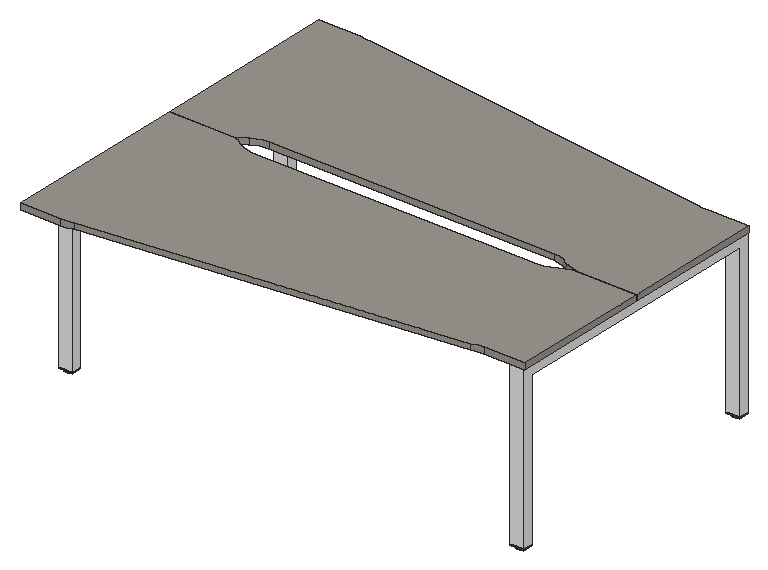
Revit family "Double Sided Single Wave 800 to 600 Deep", category Furniture, Revit 2016
Family settings
  OmniClass Number = 23.40.20.00
  OmniClass Title = General Furniture and Specialties
  Work Plane-Based = No
  Always vertical = Yes
  Cut with Voids When Loaded = No
  Shared = No
  Room Calculation Point = No
Parameters (values of type "2000 x 1600/1200")
  Width = 2000 mm
  URL = "www.gof.co.uk"
  Type Comments = ""
  Range = "MESA"
  Product Code = "MEWC2016"
  Desktop = Gresham - Nordic Ash
  Model = ""
  Manufacturer = "Gresham Office Furniture"  # constant formula
  Frame = Gresham - Black Metal
  Foot = Gresham - Black Plastic
  Assembly Code = "E2020200"
Types (6, lengths in mm): name | Width | Product Code
  (no name) | 2000 | "MEWC2016"
  1400 x 1600/1200 | 1400 | "MEWC1416"
  1600 x 1600/1200 | 1600 | "MEWC1616"
  1800 x 1600/1200 | 1800 | "MEWC1816"
  1200 x 1600/1200 | 1200 | "MEWC1216"
  2000 x 1600/1200 | 2000 | "MEWC2016"
Reference planes
  plane 1: y = 300
  plane 2: z = 0
  plane 3 "Center (Left/Right)": x = 0
  plane 4: x = -1000
  plane 5: x = 1000
  plane 6 "Desktop Underside": z = 702
  plane 7 "Center (Front/Back)": y = 600
  plane 8: y = -200
  plane 9 "Foot": z = 10
  plane 10: y = 0
  plane 11: y = 1200
  plane 12: y = 1400
Forms (mm)
  Extrusion 1, solid, material "Gresham - Nordic Ash" <- "Desktop"
    sketch origin (0, 0, 702) x (1, 0, 0) y (0, 1, 0)
      loop
        arc (750, 600) -> (713.236, 594.237) -> (680, 577.5) r 120.139
        arc (680, 577.5) -> (646.764, 560.763) -> (610, 555) r 120.139
        line (610, 555) -> (-610, 555)
        arc (-610, 555) -> (-646.764, 560.763) -> (-680, 577.5) r 120.139
        arc (-680, 577.5) -> (-713.236, 594.237) -> (-750, 600) r 120.139
        line (-750, 600) -> (-1000, 600) -> (-1000, -200) -> (-825, -200)
        arc (-825, -200) -> (-800.565, -198.494) -> (-776.5, -194) r 199.021
        line (-776.5, -194) -> (776.5, -6)
        arc (776.5, -6) -> (800.565, -1.506) -> (825, 0) r 199.021
        line (825, 0) -> (1000, 0) -> (1000, 600) -> (750, 600)
    from 0 to 25
  Extrusion 2, solid, material "Gresham - Black Metal" <- "Frame"
    sketch origin (0, 0, 0) x (0, 1, 0) y (0, 0, -1)
      loop
        line (320, -662) -> (280, -662) -> (280, -702) -> (320, -702) -> (320, -662)
    from -937.5 to 937.5
  Extrusion 3, solid, material "Gresham - Nordic Ash" <- "Desktop"
    sketch origin (0, 1200, 702) x (1, 0, 0) y (0, 1, 0)
      loop
        line (750, -600) -> (1000, -600) -> (1000, 0) -> (825, 0)
        arc (825, 0) -> (800.565, 1.506) -> (776.5, 6) r 199.021
        line (776.5, 6) -> (-776.5, 194)
        arc (-776.5, 194) -> (-800.565, 198.494) -> (-825, 200) r 199.021
        line (-825, 200) -> (-1000, 200) -> (-1000, -600) -> (-750, -600)
        arc (-750, -600) -> (-713.236, -594.237) -> (-680, -577.5) r 120.139
        arc (-680, -577.5) -> (-646.764, -560.763) -> (-610, -555) r 120.139
        line (-610, -555) -> (610, -555)
        arc (610, -555) -> (646.764, -560.763) -> (680, -577.5) r 120.139
        arc (680, -577.5) -> (713.236, -594.237) -> (750, -600) r 120.139
    from 0 to 25
  Extrusion 4, solid, material "Gresham - Black Metal" <- "Frame"
    sketch origin (0, 1200, 0) x (0, -1, 0) y (0, 0, 1)
      loop
        line (320, 662) -> (320, 702) -> (280, 702) -> (280, 662) -> (320, 662)
    from -937.5 to 937.5
Dimensions and locks
  locked: plane 6 "Desktop Underside" to plane 2 at 702
  equal spacing: plane 5, plane 3 "Center (Left/Right)", plane 4
  "Width": plane 5 to plane 4
  plane 7 "Center (Front/Back)" to plane 1 to plane 8 = 300 mm, 500 mm
  locked: Extrusion 1 to level at 727
  locked: Extrusion 1 sketch curve to Extrusion 1 sketch curve at 250  (x2)
  locked: nested 1 to plane 4 at 2.5
  locked: plane 5 to nested 2 at 2.5
  locked: Extrusion 2 to nested 1 at 60
  Extrusion 1 sketch curve to nested 1 = 175 mm
  Extrusion 1 sketch curve to nested 2 = 175 mm
  plane 11 to plane 10 = 1200 mm
  locked: Extrusion 3 to level at 727
  locked: Extrusion 3 sketch curve to Extrusion 3 sketch curve at 250  (x2)
  locked: Extrusion 1 to nested 2 at 3
  locked: nested 2 to nested 2 at 60
  plane 12 to plane 8 = 1600 mm
  equal spacing: nested 1, plane 7 "Center (Front/Back)", nested 1
  radius of Extrusion 1 sketch curve = 199.021 mm  (x2)
  radius of Extrusion 3 sketch curve = 199.021 mm  (x2)
  aligned and locked: level to plane 2
  aligned and locked: Extrusion 2 to nested 2
  aligned and locked: Extrusion 4 to Extrusion 2
  aligned and locked: Extrusion 2 to Extrusion 4
Automatic sketch dimensions
  Extrusion 1 sketch curve to plane 4 = 0 mm
  Extrusion 1 sketch curve to plane 7 "Center (Front/Back)" = 0 mm  (x2)
  Extrusion 1 sketch curve to plane 5 = 0 mm
  Extrusion 1 sketch curve to plane 8 = 0 mm
  Extrusion 1 sketch curve to plane 10 = 0 mm
  plane 8 to Extrusion 1 sketch curve = 6 mm
  plane 7 "Center (Front/Back)" to Extrusion 1 sketch curve = 75.139 mm  (x2)
  Extrusion 1 sketch curve to Extrusion 1 sketch curve = 140 mm  (x2)
  Extrusion 1 sketch curve to plane 7 "Center (Front/Back)" = 45 mm
  Extrusion 1 sketch curve to plane 10 = 6 mm
  Extrusion 1 sketch curve to plane 7 "Center (Front/Back)" = 120.139 mm
  Extrusion 1 sketch curve to Extrusion 1 sketch curve = 120.139 mm
  Extrusion 2 sketch curve to plane 6 "Desktop Underside" = 0 mm
  Extrusion 2 sketch curve to plane 1 = 20 mm
  plane 1 to Extrusion 2 sketch curve = 20 mm
  plane 6 "Desktop Underside" to Extrusion 2 sketch curve = 40 mm
  Extrusion 3 sketch curve to plane 4 = 0 mm
  plane 12 to Extrusion 3 sketch curve = 0 mm
  Extrusion 3 sketch curve to plane 7 "Center (Front/Back)" = 0 mm  (x2)
  plane 11 to Extrusion 3 sketch curve = 0 mm
  Extrusion 3 sketch curve to plane 5 = 0 mm
  plane 4 to Extrusion 3 sketch curve = 175 mm
  plane 12 to Extrusion 3 sketch curve = 6 mm
  Extrusion 3 sketch curve to plane 7 "Center (Front/Back)" = 75.139 mm  (x2)
  Extrusion 3 sketch curve to Extrusion 3 sketch curve = 140 mm  (x2)
  plane 7 "Center (Front/Back)" to Extrusion 3 sketch curve = 45 mm
  Extrusion 3 sketch curve to plane 11 = 6 mm
  plane 5 to Extrusion 3 sketch curve = 223.5 mm
  plane 7 "Center (Front/Back)" to Extrusion 3 sketch curve = 120.139 mm  (x2)
  Extrusion 4 sketch curve to plane 6 "Desktop Underside" = 0 mm
  Extrusion 4 sketch curve to plane 6 "Desktop Underside" = 40 mm
  plane 11 to Extrusion 4 sketch curve = 280 mm
  Extrusion 4 sketch curve to Extrusion 4 sketch curve = 40 mm
Nested families
  nested 1: "1200 Mesa Leg" at (-600, 800, 0) x (-1, 0, 0) z (0, 0, 1), type "1200 Mesa Leg"
  nested 2: "1200 Mesa Leg" at (600, 800.5, 0), type "1200 Mesa Leg"
Definition of nested family "1200 Mesa Leg"
  Parameters (values of type "1200 Mesa Leg")
    Width = 800 mm
    URL = "www.gof.co.uk"
    Type Comments = ""
    Range = "MESA"
    Product Code = "1200 Leg"
    Model = ""
    Manufacturer = "Gresham Office Furniture"  # constant formula
    Frame = none
    Foot = none
    Assembly Code = "E2020200"
  Reference planes
    plane 1 "Center (Front/Back)": y = -200
    plane 2: z = 0
    plane 3 "Center (Left/Right)": x = 0
    plane 4: x = -400
    plane 5: x = 400
    plane 6 "Desktop Underside": z = 702
    plane 7: y = 400
    plane 8: y = -800
    plane 9 "Foot": z = 10
  Forms (mm)
    Extrusion 1, solid, material <- "Frame"
      sketch origin (997.5, 311.693, 702) x (0, -1, 0) y (0, 0, 1)
        loop
          line (383.606, 0) -> (-85.807, 0) -> (-85.807, -692) -> (-45.807, -692) -> (-45.807, -40) -> (1069.193, -40) -> (1069.193, -692) -> (1109.193, -692) -> (1109.193, 0) -> (383.606, 0)
      from 600 to 660
    Extrusion 2, solid, material <- "Foot"
      sketch origin (481.991, 484.546, 10) x (-0.707107, 0.707107, 0) y (-0.707107, -0.707107, 0)
        loop
          line (-804.373, 1008.714) -> (-846.799, 966.287) -> (-818.515, 938.003) -> (-776.088, 980.43) -> (-804.373, 1008.714)
        loop
          line (40.62, 163.721) -> (12.336, 192.005) -> (-30.091, 149.579) -> (-1.807, 121.295) -> (40.62, 163.721)
      from 0 to -5
    Extrusion 3, solid
      sketch origin (487.674, 479.532, 0) x (0.707107, -0.707107, 0) y (0.707107, 0.707107, 0)
        loop
          circle (-12.828, -157.123) r 18
        loop
          circle (803.88, -973.831) r 18
      from 0 to 5
  Dimensions and locks
    locked: plane 6 "Desktop Underside" to plane 2 at 702
    equal spacing: plane 4, plane 3 "Center (Left/Right)", plane 5
    "Width": plane 4 to plane 5
    equal spacing: plane 7, plane 1 "Center (Front/Back)", plane 8
    locked: plane 7 to plane 8 at 1200
    Extrusion 1 sketch curve to Extrusion 1 sketch curve = 40 mm  (x2)
    locked: Extrusion 1 to plane 8 at 2.5
    locked: plane 7 to Extrusion 1 at 2.5
    Extrusion 1 to Extrusion 2 sketch curve = 40 mm
    locked: Extrusion 1 to Extrusion 1 at 60
    locked: plane 7 to Extrusion 3 sketch curve at 22.5
    locked: Extrusion 3 sketch curve to plane 5 at 32.5  (x2)
    locked: Extrusion 3 sketch curve to plane 8 at 22.5
    aligned and locked: level to plane 2
  Automatic sketch dimensions
    Extrusion 1 sketch curve to plane 6 "Desktop Underside" = 0 mm
    Extrusion 1 sketch curve to plane 9 "Foot" = 0 mm  (x2)
    Extrusion 1 sketch curve to plane 1 "Center (Front/Back)" = 128.087 mm
    plane 5 to Extrusion 2 sketch curve = 2.5 mm
    plane 8 to Extrusion 2 sketch curve = 2.5 mm
    Extrusion 2 sketch curve to Extrusion 2 sketch curve = 28.284 mm  (x3)
    Extrusion 2 sketch curve to Extrusion 2 sketch curve = 42.426 mm  (x2)
    Extrusion 2 sketch curve to Extrusion 2 sketch curve = 788.424 mm
    Extrusion 1 sketch curve to plane 7 = 42.5 mm
    plane 8 to Extrusion 1 sketch curve = 42.5 mm
    Extrusion 1 sketch curve to plane 6 "Desktop Underside" = 40 mm
    radius of Extrusion 3 sketch curve = 18 mm  (x2)
